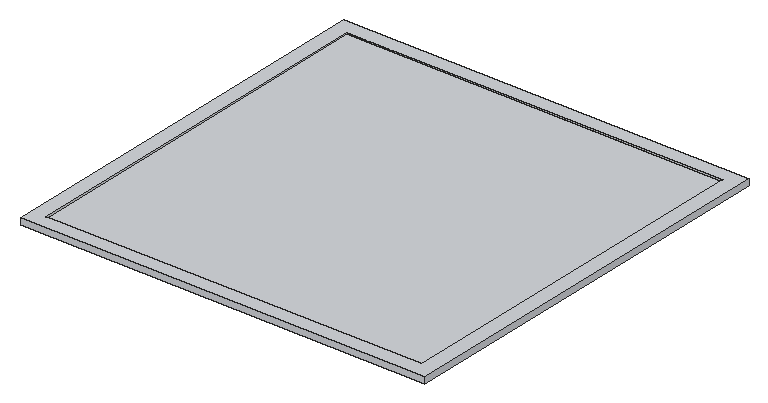
Revit family "600x600", category Lighting Fixtures, host Face, Revit 2017
Family settings
  Host = Face
  Round Connector Dimension = Use Diameter
  Part Type = Normal
  OmniClass Number = 23.80.70.00
  OmniClass Title = Lighting
  Cut with Voids When Loaded = No
  Light Source = Yes
  Shared = No
  Room Calculation Point = No
Parameters (values of type "0042639 S PL U19 600HE IP44 DALI 4300 840 TPA")
  Weight = "7.2 kg"
  Wattage Comments = ""
  Wattage = 34 W
  WarrantyStartDate [instance] = "n/a"
  WarrantyGuarantorParts = "n/a"
  WarrantyDurationUnit = "n/a"
  WarrantyDurationParts = "n/a"
  WarrantyDescription = "n/a"
  WIDTH_SYL = 297.5 mm
  built-in parameter 1150110 = 1 (stored number, unit not read)
  Voltage = 0 V
  URL = "http://www.sylvania-lighting.com"
  TypeName = "ST Panel UGR19 600x600 HE IP44 DALI 4300 840 TPA"
  Type Image = <None>
  Type Comments = "n/a"
  built-in parameter 1114217 = 1 (stored number, unit not read)
  Tilt Angle = -90.00°
  built-in parameter 1150109 = 1 (stored number, unit not read)
  built-in parameter 1150134 = 12
  TOPWIDTH_SYL = 245 mm
  built-in parameter 1150113 = 1 (stored number, unit not read)
  SerialNumber [instance] = "n/a"
  Photometric Web File = "0042639.ies"
  Material_3_SYL = none
  PowerFactor = 0
  PowerConsumption = "34 W"
  NominalLength = 595 mm
  NominalHeight = 35 mm
  NominalDepth = 595 mm
  Name = "ST Panel UGR19 600x600 HE IP44 DALI 4300 840 TPA"
  ModelReference = Name  # "ST Panel UGR19 600x600 HE IP44 DALI 4300 840 TPA"
  ModelNumber = "0042639"
  Model = Name  # "ST Panel UGR19 600x600 HE IP44 DALI 4300 840 TPA"
  Material = "aluminium,steel housing, other diffuser"
  ManufacturerName = "Feilo Sylvania"
  Manufacturer = "Feilo Sylvania"
  MAINHEIGHT_SYL = 63 mm
  LuminousEfficacy = "126 lm/W"
  built-in parameter 1150105 = 2123.7 (stored number, unit not read)
  Lumens = 4284 lm
  LuminaireType = ""
  built-in parameter 1150115 = 1 (stored number, unit not read)
  LightOutputRatio = "n/a"
  built-in parameter 1150137 = (empty or 0)
  built-in parameter 1150139 = (empty or 0)
  LampsType = Lamp  # "LED"
  LampNominalLuminous = "4300 lm"
  LampMacAdamStep = "3"
  LampColourTemperature = "4000 K"
  LampColourRenderingIndex = "80"
  built-in parameter 1150112 = 1 (stored number, unit not read)
  built-in parameter 1150114 = 1 (stored number, unit not read)
  Lamp = "LED"
  LUMWIDTH_SYL = 276.5 mm
  LUMDEPTH_SYL = 276.5 mm
  Keynote = "16500"
  InstallationDate [instance] = "n/a"
  InputVoltage = "n/a"
  InputNominalFrequency = "n/a"
  built-in parameter 1150132 = (empty or 0)
  built-in parameter 1150102 = (empty or 0)
  built-in parameter 1150107 = 4000 (stored number, unit not read)
  built-in parameter 1150138 = (empty or 0)
  IngressProtection = "IP44/20"
  ImpactProtectionIndex = "IK03"
  built-in parameter 1150106 = 21.237 (stored number, unit not read)
  IfcExportType = "IfcLightFixtureType"
  IfcExportAs = "IfcLightFixtureType"
  HEIGHT_SYL = 33 mm
  HEIGHTBOTT_SYL = 7 mm
  Emit from Circle Diameter = 609.6 mm
  Emit Shape Visible in Rendering = no
  ElectricShockClassification = "Class II"
  built-in parameter 1150104 = 11.706 (stored number, unit not read)
  DocumentationLiterature = "http://www.sylvania-lighting.com/product/en-int/products/0042639"
  DimmingControlOptions = "n/a"
  Material_2_SYL = none
  Dimming Lamp Color Temperature Shift = <None>
  Description = ""
  Default Elevation = 1219.2 mm
  DEPTH_SYL = 297.5 mm
  CreatedOn = "4/28/2021"
  CreatedBy = "@sylvania-lighting.com"
  Cost = 0
  Color Filter = 16777215
  built-in parameter 1114216 [instance] = (empty or 0)
  ClassificationValue = "EF_70_80"
  ClassificationName = "Uniclass2015"
  Material_1_SYL = Default
  BarCode [instance] = "n/a"
  built-in parameter 1114218 = 1 (stored number, unit not read)
  BOX_WIDTH_SYL = 40 mm
  built-in parameter 1150133 = 10 (stored number, unit not read)
  AssetType = "Fixed"
  AssetIdentifier [instance] = "n/a"
  Assembly Code = "D5020200"
  Apparent Load = 34 VA
  Material_4_SYL = none
  -LUMDEPTH_SYL = LUMDEPTH_SYL * (-1)  # -276.5 mm
Types (2, lengths in mm): name | TypeName | built-in parameter 1150134 | Photometric Web File | Name | ModelReference | ModelNumber | Model | LuminousEfficacy | built-in parameter 1150105 | Lumens | LampNominalLuminous | LampColourTemperature | built-in parameter 1150107 | built-in parameter 1150106 | built-in parameter 1150104 | DocumentationLiterature
  0042639 S PL U19 600HE IP44 DALI 4300 840 TPA | "ST Panel UGR19 600x600 HE IP44 DALI 4300 840 TPA" | 12 | "0042639.ies" | "ST Panel UGR19 600x600 HE IP44 DALI 4300 840 TPA" | "ST Panel UGR19 600x600 HE IP44 DALI 4300 840 TPA" | "0042639" | "ST Panel UGR19 600x600 HE IP44 DALI 4300 840 TPA" | "126 lm/W" | 2123.7 (stored number, unit not read) | 4284 lm | "4300 lm" | "4000 K" | 4000 (stored number, unit not read) | 21.237 (stored number, unit not read) | 11.706 (stored number, unit not read) | "http://www.sylvania-lighting.com/product/en-int/products/0042639"
  0042638 S PL U19 600HE IP44 DALI 4100 830 TPA | "ST Panel UGR19 600x600 HE IP44 DALI 4100 830 TPA" | (empty or 0) | "0042638.ies" | "ST Panel UGR19 600x600 HE IP44 DALI 4100 830 TPA" | "ST Panel UGR19 600x600 HE IP44 DALI 4100 830 TPA" | "0042638" | "ST Panel UGR19 600x600 HE IP44 DALI 4100 830 TPA" | "121 lm/W" | 2018 (stored number, unit not read) | 4114 lm | "4100 lm" | "3000 K" | 3000 (stored number, unit not read) | 20.18 (stored number, unit not read) | 11.241 (stored number, unit not read) | "http://www.sylvania-lighting.com/product/en-int/products/0042638"
Reference planes
  plane 1 "Center (Front/Back)": y = 0
  plane 2: z = 0
  plane 3 "Center (Left/Right)": x = 0
  plane 4: x = -297.5
  plane 5: x = 297.5
  plane 6: y = 297.5
  plane 7: y = -297.5
  plane 8: x = 276.5
  plane 9: x = -276.5
  plane 10: y = 276.5
  plane 11: y = -276.5
  plane 12: z = -33
  plane 13: z = -7
  plane 14: x = -245
  plane 15: x = 245
  plane 16: y = -245
  plane 17: y = 245
  plane 18: y = 276.5
  plane 19: y = -276.5
  plane 20: z = -63
  plane 21: x = -40
  plane 22: x = 40
Forms (mm)
  Extrusion 1, solid
    sketch origin (0, 0, 0) x (1, 0, 0) y (0, 1, 0)
      loop
        line (-297.5, 297.5) -> (-297.5, -297.5) -> (297.5, -297.5) -> (297.5, 297.5) -> (-297.5, 297.5)
    from -7 to 2
  Extrusion 2, void
    sketch origin (0, 0, 0) x (1, 0, 0) y (0, 1, 0)
      loop
        line (-276.5, 276.5) -> (-276.5, -276.5) -> (276.5, -276.5) -> (276.5, 276.5) -> (-276.5, 276.5)
    from 0 to 10
  Extrusion 3, solid
    sketch origin (0, 0, 0) x (1, 0, 0) y (0, 0, 1)
      loop
        line (-276.5, -7) -> (-245, -33) -> (245, -33) -> (276.5, -7) -> (-276.5, -7)
    from -276.5 <- "-LUMDEPTH_SYL" to 276.5 <- "LUMDEPTH_SYL"
  Extrusion 4, void
    sketch origin (319, 1524, 1219.2) x (0, 1, 0) y (0, 0, 1)
      loop
        line (-1279, -1252.2) -> (-1247.5, -1252.2) -> (-1247.5, -1226.2) -> (-1279, -1252.2)
      loop
        line (-1800.5, -1226.2) -> (-1800.5, -1252.2) -> (-1769, -1252.2) -> (-1800.5, -1226.2)
    from -1000 to 1000
Cuts and joins
  Extrusion 2 cuts Extrusion 1
  Extrusion 4 cuts Extrusion 3
Dimensions and locks
  "WIDTH_SYL": plane 4 to plane 3 "Center (Left/Right)" to plane 5
  "DEPTH_SYL": plane 7 to plane 1 "Center (Front/Back)" to plane 6
  "LUMWIDTH_SYL": plane 9 to plane 3 "Center (Left/Right)" to plane 8
  "LUMDEPTH_SYL": plane 11 to plane 1 "Center (Front/Back)" to plane 10
  "HEIGHT_SYL": host face to plane 12
  "HEIGHTBOTT_SYL": host face to plane 13
  "TOPWIDTH_SYL": plane 14 to imposter light to plane 15
  "TOPWIDTH_SYL": plane 17 to imposter light to plane 16
  "LUMWIDTH_SYL": plane 18 to imposter light to plane 19
  "MAINHEIGHT_SYL": host face to plane 20
  "BOX_WIDTH_SYL": plane 21 to imposter light to plane 22
  aligned and locked: plane 2 to host face
  aligned and locked: level to host face
  aligned and locked: plane 6 to Extrusion 1 sketch curve
  aligned and locked: plane 4 to Extrusion 1 sketch curve
  aligned and locked: Extrusion 1 sketch curve to plane 7
  aligned and locked: Extrusion 1 sketch curve to plane 5
  aligned and locked: plane 10 to Extrusion 2 sketch curve
  aligned and locked: Extrusion 2 sketch curve to plane 9
  aligned and locked: Extrusion 2 sketch curve to plane 11
  aligned and locked: plane 8 to Extrusion 2 sketch curve
Automatic sketch dimensions
  host sketch curve to host sketch curve = 2438.4 mm  (x2)
  plane 9 to Extrusion 3 sketch curve = 0 mm
  Extrusion 3 sketch curve to plane 12 = 0 mm
  plane 14 to Extrusion 3 sketch curve = 0 mm
  plane 15 to Extrusion 3 sketch curve = 0 mm
  plane 8 to Extrusion 3 sketch curve = 0 mm
  Extrusion 3 sketch curve to plane 13 = 0 mm
  Extrusion 4 sketch curve to plane 11 = 0 mm
  plane 12 to Extrusion 4 sketch curve = 0 mm  (x2)
  Extrusion 4 sketch curve to plane 16 = 0 mm
  Extrusion 4 sketch curve to plane 17 = 0 mm
  Extrusion 4 sketch curve to plane 10 = 0 mm
  plane 13 to Extrusion 4 sketch curve = 0 mm  (x2)
Connectors
  electrical at (0, 0, -33)
    settings: on cut or joined group of Extrusion 3, Extrusion 4, index 1, voltage 0 V, apparent load 0 VA, apparent load phase1 0 VA, apparent load phase2 0 VA, apparent load phase3 0 VA, power factor 0.9, load classification "Other", number of poles 1, system type 31, power factor state 1, is connector primary yes, connector utility no, sub classification motor no, connector description ""
